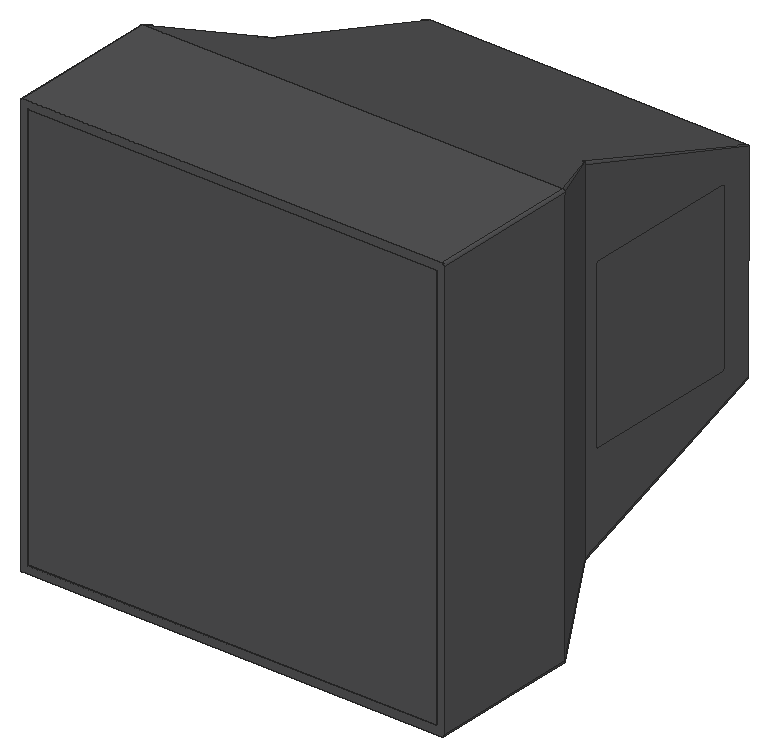
Revit family "Communication_Bosch_Speakers_MTS-6154-CARDIOID-64", category Communication Devices, Revit 2018
Family settings
  Maintain Annotation Orientation = No
  Round Connector Dimension = Use Diameter
  Part Type = Normal
  Work Plane-Based = Yes
  Always vertical = No
  Cut with Voids When Loaded = No
  Shared = Yes
  Room Calculation Point = No
Parameters (values of type "MTS-6154-64CFWB Loudspeaker cardioid 60x40 FW blk")
  XMTI = 1
  XCTN [instance] = "MTS-6154-64CFWB"
  Weight (Kg) = if(or(XMTI = 1, XMTI = 2), "196", "182")  # "196"
  Vertical Coverage = "40°"  # constant formula
  UniclassTitle = "Loudspeakers"  # constant formula
  UniclassCode = "Pr_70_75_36_50"  # constant formula
  URL = "www.electrovoice.com"
  Product Website = "https://products.electrovoice.com/na/en/mts-6154/"
  Product Information = "https://products.electrovoice.com/downloadfile.php?id=979128"
  Product Description = "Loudspeaker cardioid 60x40 FW blk"
  PlanningTools = "https://products.electrovoice.com/na/en/preview"
  Max. SPL = "154 dB"  # constant formula
  MaterialRALColour = RAL 9005 black
  Material = "Multi-ply birch"
  Manufacturer = "Electro Voice"  # constant formula
  LoudSpeaker rotation Angle [instance] = 0.00°
  LoudSpeaker inclination Angle [instance] = 0.00°
  InstallationManual = "https://products.electrovoice.com/downloadfile.php?id=979142"
  IP Rating = "IP55"  # constant formula
  IFCExportAs = "IfcAudioVisualAppliance"  # constant formula
  Frequency range (-10 dB) = "Full space with MTS full range preset (55 Hz - 20 kHz)"  # constant formula
  FamType = MTS-6154-CARDIOID-64 : MTS-6154-64CFWB Loudspeaker cardioid 60x40 FW blk
  Disclaimer = "https://resources-boschsecurity-cdn.azureedge.net/public/information/bim/Disclaimer.pdf"
  Dimensions (H x W x D) = "1092 mm x 1092 mm x 1191 mm"  # constant formula
  Description = ""
  Default Elevation = 1219.2 mm
  Horizontal Coverage = "60°"  # constant formula
  CTN [instance] = XCTN  # "MTS-6154-64CFWB"
  ArchitectsAndEngineersSpecs = "https://products.electrovoice.com/na/en/mts-6154/"
Types (4, lengths in mm): name | XMTI | XCTN | Weight (Kg) | Product Information | Product Description | MaterialRALColour | FamType | CTN
  MTS-6154-64CPWB Loudspeaker cardioid 60x40 PW blk | 3 | "MTS-6154-64CPWB" | "182" | "https://products.electrovoice.com/downloadfile.php?id=979130" | "Loudspeaker cardioid 60x40 PW blk" | RAL 9005 black | MTS-6154-CARDIOID-64 : MTS-6154-64CPWB Loudspeaker cardioid 60x40 PW blk | "MTS-6154-64CPWB"
  MTS-6154-64CPWW Loudspeaker cardioid 60x40 PW wht | 4 | "MTS-6154-64CPWW" | "182" | "https://products.electrovoice.com/downloadfile.php?id=979131" | "Loudspeaker cardioid 60x40 PW wht" | RAL 9003 white | MTS-6154-CARDIOID-64 : MTS-6154-64CPWW Loudspeaker cardioid 60x40 PW wht | "MTS-6154-64CPWW"
  MTS-6154-64CFWB Loudspeaker cardioid 60x40 FW blk | 1 | "MTS-6154-64CFWB" | "196" | "https://products.electrovoice.com/downloadfile.php?id=979128" | "Loudspeaker cardioid 60x40 FW blk" | RAL 9005 black | MTS-6154-CARDIOID-64 : MTS-6154-64CFWB Loudspeaker cardioid 60x40 FW blk | "MTS-6154-64CFWB"
  MTS-6154-64CFWW Loudspeaker cardioid 60x40 FW wht | 2 | "MTS-6154-64CFWW" | "196" | "https://products.electrovoice.com/downloadfile.php?id=979129" | "Loudspeaker cardioid 60x40 FW wht" | RAL 9003 white | MTS-6154-CARDIOID-64 : MTS-6154-64CFWW Loudspeaker cardioid 60x40 FW wht | "MTS-6154-64CFWW"
Reference planes
  plane 1 "Center (Front/Back)": y = 0
  plane 2: z = 0
  plane 3 "Center (Left/Right)": x = 0
  plane 4: y = 387.271
  plane 5: y = 1146
  plane 6: y = 621.422
  plane 7: x = -411.11
  plane 8: x = 411.11
  plane 9: z = 546.1
Lines and regions (mm)
  reference lines
    curve 1: line (0, 0, 286.1) -> (0, 0, 546.1)
Dimensions and locks
  locked: plane 9 to level at 546.1
  "LoudSpeaker rotation Angle": angle curve 1 to plane 3 "Center (Left/Right)"
  aligned and locked: level to plane 2
  aligned and locked: plane 9 to curve 1
  aligned and locked: plane 3 "Center (Left/Right)" to curve 1
Nested families
  nested 1: "MTS-6154-CARDIOID-64" at (0, 0, 0), type <- "FamType", LoudSpeaker inclination Angle <- "LoudSpeaker inclination Angle", type "MTS-6154-64CFWB Loudspeaker cardioid 60x40 FW blk"
    with XCTN "MTS-6154-64CPWB", LoudSpeaker inclination Angle 0.00°, CTN "MTS-6154-64CPWB"
Connectors
  electrical at (0, 1146, 546.1)
    settings: on nested 1, index 1, voltage 0 V, apparent load 0 VA, apparent load phase1 0 VA, apparent load phase2 0 VA, apparent load phase3 0 VA, power factor 1, load classification "Other", number of poles 1, system type 14, power factor state 1, is connector primary yes, connector utility no, sub classification motor no, connector description ""
Definition of nested family "MTS-6154-CARDIOID-64"
  Parameters (values of type "MTS-6154-64CFWB Loudspeaker cardioid 60x40 FW blk")
    XMTI = 1
    XCTN [instance] = "MTS-6154-64CFWB"
    Weight (Kg) = if(or(XMTI = 1, XMTI = 2), "196", "182")  # "196"
    Vertical Coverage = "40°"  # constant formula
    UniclassTitle = "Loudspeakers"  # constant formula
    UniclassCode = "Pr_70_75_36_50"  # constant formula
    URL = "www.electrovoice.com"
    Product Website = "https://products.electrovoice.com/na/en/mts-6154/"
    Product Information = "https://products.electrovoice.com/downloadfile.php?id=979128"
    Product Description = "Loudspeaker cardioid 60x40 FW blk"
    PlanningTools = "https://products.electrovoice.com/na/en/preview"
    Max. SPL = "154 dB"  # constant formula
    MaterialRALColour = none
    Material = "Multi-ply birch"
    Manufacturer = "Electro Voice"  # constant formula
    LoudSpeaker inclination Angle [instance] = 0.00°
    InstallationManual = "https://products.electrovoice.com/downloadfile.php?id=979142"
    IP Rating = "IP55"  # constant formula
    IFCExportAs = "IfcAudioVisualAppliance"  # constant formula
    Frequency range (-10 dB) = "Full space with MTS full range preset (55 Hz - 20 kHz)"  # constant formula
    Disclaimer = "https://resources-boschsecurity-cdn.azureedge.net/public/information/bim/Disclaimer.pdf"
    Dimensions (H x W x D) = "1092 mm x 1092 mm x 1191 mm"  # constant formula
    Description = ""
    Default Elevation = 1219.2 mm
    Horizontal Coverage = "60°"  # constant formula
    CTN [instance] = XCTN  # "MTS-6154-64CFWB"
    ArchitectsAndEngineersSpecs = "https://products.electrovoice.com/na/en/mts-6154/"
  Types (4, lengths in mm): name | XMTI | XCTN | Weight (Kg) | Product Information | Product Description | CTN
    MTS-6154-64CPWB Loudspeaker cardioid 60x40 PW blk | 3 | "MTS-6154-64CPWB" | "182" | "https://products.electrovoice.com/downloadfile.php?id=979130" | "Loudspeaker cardioid 60x40 PW blk" | "MTS-6154-64CPWB"
    MTS-6154-64CPWW Loudspeaker cardioid 60x40 PW wht | 4 | "MTS-6154-64CPWW" | "182" | "https://products.electrovoice.com/downloadfile.php?id=979131" | "Loudspeaker cardioid 60x40 PW wht" | "MTS-6154-64CPWW"
    MTS-6154-64CFWB Loudspeaker cardioid 60x40 FW blk | 1 | "MTS-6154-64CFWB" | "196" | "https://products.electrovoice.com/downloadfile.php?id=979128" | "Loudspeaker cardioid 60x40 FW blk" | "MTS-6154-64CFWB"
    MTS-6154-64CFWW Loudspeaker cardioid 60x40 FW wht | 2 | "MTS-6154-64CFWW" | "196" | "https://products.electrovoice.com/downloadfile.php?id=979129" | "Loudspeaker cardioid 60x40 FW wht" | "MTS-6154-64CFWW"
  Reference planes
    plane 1 "Center (Front/Back)": y = 0
    plane 2: z = 0
    plane 3 "Center (Left/Right)": x = 0
    plane 4: y = 387.271
    plane 5: y = 1146
    plane 6: y = 621.422
    plane 7: x = -411.11
    plane 8: x = 411.11
    plane 9: z = 546.1
    plane 10: z = 546.1
    plane 11: z = 1007.1
    plane 12: z = 85.1
    plane 13: z = 546.1
    plane 14: z = 1007.1
    plane 15: z = 85.1
    plane 16: z = 816.357
    plane 17: z = 275.843
  Forms (mm)
    Extrusion 1, solid, material <- "MaterialRALColour"
      sketch origin (0, 0, 0) x (0, 0, 1) y (1, 0, 0)
        loop
          line (1085.85, 546.1) -> (6.35, 546.1)
          arc (6.35, 546.1) -> (1.86, 544.24) -> (0, 539.75) r 6.35
          line (0, 539.75) -> (0, -539.75)
          arc (0, -539.75) -> (1.86, -544.24) -> (6.35, -546.1) r 6.35
          line (6.35, -546.1) -> (1085.85, -546.1)
          arc (1085.85, -546.1) -> (1090.34, -544.24) -> (1092.2, -539.75) r 6.35
          line (1092.2, -539.75) -> (1092.2, 539.75)
          arc (1092.2, 539.75) -> (1090.34, 544.24) -> (1085.85, 546.1) r 6.35
      from 0 to 387.271
    Blend 2, solid, material <- "MaterialRALColour"
      base sketch origin (0, 387.271, 0) x (0, 0, 1) y (-1, 0, 0)
        loop
          line (1092.2, -539.75) -> (1092.2, 539.75)
          arc (1092.2, 539.75) -> (1090.34, 544.24) -> (1085.85, 546.1) r 6.35
          line (1085.85, 546.1) -> (6.35, 546.1)
          arc (6.35, 546.1) -> (1.86, 544.24) -> (0, 539.75) r 6.35
          line (0, 539.75) -> (0, -539.75)
          arc (0, -539.75) -> (1.86, -544.24) -> (6.35, -546.1) r 6.35
          line (6.35, -546.1) -> (1085.85, -546.1)
          arc (1085.85, -546.1) -> (1090.34, -544.24) -> (1092.2, -539.75) r 6.35
      top sketch origin (0, 387.271, 0) x (0, 0, 1) y (-1, 0, 0)
        loop
          line (1007.1, -408.703) -> (1007.1, 408.703)
          arc (1007.1, 408.703) -> (1006.395, 410.405) -> (1004.693, 411.11) r 2.407
          line (1004.693, 411.11) -> (87.507, 411.11)
          arc (87.507, 411.11) -> (85.805, 410.405) -> (85.1, 408.703) r 2.407
          line (85.1, 408.703) -> (85.1, -408.703)
          arc (85.1, -408.703) -> (85.805, -410.405) -> (87.507, -411.11) r 2.407
          line (87.507, -411.11) -> (1004.693, -411.11)
          arc (1004.693, -411.11) -> (1006.395, -410.405) -> (1007.1, -408.703) r 2.407
      from 0 to -234.151
    Extrusion 3, void
      sketch origin (0, 0, 0) x (0, 0, 1) y (1, 0, 0)
        loop
          line (1072.2, 526.1) -> (20, 526.1) -> (20, -526.1) -> (1072.2, -526.1) -> (1072.2, 526.1)
      from 0 to 25
    Blend 4, solid, material <- "MaterialRALColour"
      base sketch origin (0, 621.422, 0) x (0, 0, -1) y (-1, 0, 0)
        loop
          arc (-1007.1, -404.76) -> (-1005.24, -409.25) -> (-1000.75, -411.11) r 6.35
          line (-1000.75, -411.11) -> (-91.45, -411.11)
          arc (-91.45, -411.11) -> (-86.96, -409.25) -> (-85.1, -404.76) r 6.35
          line (-85.1, -404.76) -> (-85.1, 404.76)
          arc (-85.1, 404.76) -> (-86.96, 409.25) -> (-91.45, 411.11) r 6.35
          line (-91.45, 411.11) -> (-1000.75, 411.11)
          arc (-1000.75, 411.11) -> (-1005.24, 409.25) -> (-1007.1, 404.76) r 6.35
          line (-1007.1, 404.76) -> (-1007.1, -404.76)
      top sketch origin (0, 621.422, 0) x (0, 0, 1) y (-1, 0, 0)
        loop
          line (816.357, -408.703) -> (816.357, 408.703)
          arc (816.357, 408.703) -> (815.652, 410.405) -> (813.95, 411.11) r 2.407
          line (813.95, 411.11) -> (278.25, 411.11)
          arc (278.25, 411.11) -> (276.548, 410.405) -> (275.843, 408.703) r 2.407
          line (275.843, 408.703) -> (275.843, -408.703)
          arc (275.843, -408.703) -> (276.548, -410.405) -> (278.25, -411.11) r 2.407
          line (278.25, -411.11) -> (813.95, -411.11)
          arc (813.95, -411.11) -> (815.652, -410.405) -> (816.357, -408.703) r 2.407
      from 0 to 524.578
    Extrusion 5, void
      sketch origin (411.11, 621.422, 546.1) x (0, 0, 1) y (0, 1, 0)
        loop
          arc (-208.392, 444.198) -> (-212.885, 442.338) -> (-214.746, 437.845) r 6.354
          line (-214.746, 437.845) -> (-214.746, 41.046)
          arc (-214.746, 41.046) -> (-212.882, 36.552) -> (-208.384, 34.698) r 6.348
          line (-208.384, 34.698) -> (208.405, 34.698)
          arc (208.405, 34.698) -> (212.894, 36.557) -> (214.753, 41.046) r 6.347
          line (214.753, 41.046) -> (214.753, 437.846)
          arc (214.753, 437.846) -> (212.884, 442.346) -> (208.378, 444.198) r 6.352
          line (208.378, 444.198) -> (-208.392, 444.198)
      from -5 to 15
    Extrusion 6, solid, material <- "MaterialRALColour"
      sketch origin (411.11, 621.422, 546.1) x (0, 0, -1) y (0, 1, 0)
        loop
          line (207.892, 443.698) -> (-205.431, 443.698)
          arc (-205.431, 443.698) -> (-211.413, 443.14) -> (-214.254, 437.846) r 6.352
          line (-214.254, 437.846) -> (-214.254, 41.545)
          arc (-214.254, 41.545) -> (-212.395, 37.057) -> (-207.907, 35.198) r 6.347
          line (-207.907, 35.198) -> (205.429, 35.198)
          arc (205.429, 35.198) -> (211.407, 35.756) -> (214.246, 41.046) r 6.348
          line (214.246, 41.046) -> (214.246, 437.344)
          arc (214.246, 437.344) -> (212.385, 441.837) -> (207.892, 443.698) r 6.354
      from -5 to 1
    Extrusion 7, solid, material <- "MaterialRALColour"
      sketch origin (0, 0, 0) x (0, 0, -1) y (1, 0, 0)
        loop
          line (-1071.2, 525.1) -> (-1071.2, -525.1) -> (-21, -525.1) -> (-21, 525.1) -> (-1071.2, 525.1)
      from 0 to -10
    Extrusion 8, void
      sketch origin (-411.11, 621.422, 546.1) x (0, 0, -1) y (0, 1, 0)
        loop
          line (208.392, 444.198) -> (-208.378, 444.198)
          arc (-208.378, 444.198) -> (-212.884, 442.346) -> (-214.753, 437.846) r 6.352
          line (-214.753, 437.846) -> (-214.753, 41.045)
          arc (-214.753, 41.045) -> (-212.894, 36.557) -> (-208.405, 34.698) r 6.347
          line (-208.405, 34.698) -> (208.384, 34.698)
          arc (208.384, 34.698) -> (212.882, 36.552) -> (214.746, 41.046) r 6.348
          line (214.746, 41.046) -> (214.746, 437.844)
          arc (214.746, 437.844) -> (212.885, 442.337) -> (208.392, 444.198) r 6.354
      from -5 to 15
    Extrusion 9, solid, material <- "MaterialRALColour"
      sketch origin (-411.11, 621.422, 546.1) x (0, 0, 1) y (0, 1, 0)
        loop
          arc (-207.892, 443.698) -> (-212.385, 441.837) -> (-214.246, 437.344) r 6.354
          line (-214.246, 437.344) -> (-214.246, 41.046)
          arc (-214.246, 41.046) -> (-211.407, 35.756) -> (-205.429, 35.198) r 6.348
          line (-205.429, 35.198) -> (207.907, 35.198)
          arc (207.907, 35.198) -> (212.395, 37.057) -> (214.254, 41.545) r 6.347
          line (214.254, 41.545) -> (214.254, 437.846)
          arc (214.254, 437.846) -> (211.413, 443.14) -> (205.431, 443.698) r 6.352
          line (205.431, 443.698) -> (-207.892, 443.698)
      from -5 to 1
  Cuts and joins
    Extrusion 3 cuts Extrusion 1
    Extrusion 5, Extrusion 8 cuts Blend 4
    joined: Extrusion 1, Blend 2, Blend 4, Extrusion 7
  Lines and regions (mm)
    reference lines
      curve 1: line (0, 0, 0) -> (0, 0, 546.1)
  Dimensions and locks
    locked: plane 9 to level at 546.1
    "LoudSpeaker inclination Angle": angle curve 1 to plane 1 "Center (Front/Back)"
    aligned and locked: level to plane 2
    aligned and locked: plane 9 to curve 1
    aligned and locked: plane 1 "Center (Front/Back)" to curve 1
  Automatic sketch dimensions
    Extrusion 1 to Blend 2 sketch curve = 6.35 mm  (x2)
    Extrusion 1 to Blend 2 sketch curve = 85.1 mm
    Blend 2 sketch curve to Blend 2 sketch curve = 2.407 mm  (x3)
    Extrusion 1 to Blend 2 sketch curve = 87.507 mm  (x2)
    Extrusion 1 to Blend 2 sketch curve = 134.99 mm
    Extrusion 1 to Blend 2 sketch curve = 137.397 mm
    Extrusion 1 to Extrusion 3 sketch curve = 20 mm  (x4)
    Blend 4 sketch curve to Blend 2 = 0 mm  (x4)
    Blend 2 to Blend 4 sketch curve = 0 mm  (x2)
    Blend 4 sketch curve to Blend 2 = 6.35 mm  (x2)
    Blend 4 sketch curve to Blend 4 sketch curve = 6.35 mm  (x2)
    Blend 2 to Blend 4 sketch curve = 2.407 mm  (x3)
    Blend 2 to Blend 4 sketch curve = 190.743 mm
    Blend 4 sketch curve to Blend 4 sketch curve = 2.407 mm
    Blend 2 to Blend 4 sketch curve = 193.15 mm
    Extrusion 5 sketch curve to Blend 4 = 86.733 mm
    Blend 4 to Extrusion 5 sketch curve = 79.123 mm
    Extrusion 5 sketch curve to Extrusion 5 sketch curve = 6.348 mm
    Extrusion 5 sketch curve to Extrusion 5 sketch curve = 6.354 mm
    Extrusion 5 sketch curve to Extrusion 5 sketch curve = 0.014 mm
    Extrusion 5 sketch curve to Blend 4 = 80.38 mm
    Extrusion 5 sketch curve to Extrusion 5 sketch curve = 416.77 mm
    Extrusion 5 sketch curve to Extrusion 5 sketch curve = 0.023 mm
    Extrusion 5 sketch curve to Blend 4 = 41.045 mm
    Extrusion 5 sketch curve to Extrusion 5 sketch curve = 0.005 mm
    Extrusion 5 sketch curve to Extrusion 5 sketch curve = 6.352 mm
    Extrusion 5 sketch curve to Blend 4 = 34.698 mm
    Blend 4 to Extrusion 6 sketch curve = 86.732 mm
    Blend 4 to Extrusion 6 sketch curve = 79.586 mm
    Extrusion 6 sketch curve to Extrusion 6 sketch curve = 6.347 mm
    Extrusion 6 sketch curve to Extrusion 6 sketch curve = 6.352 mm
    Extrusion 6 sketch curve to Extrusion 6 sketch curve = 2.471 mm
    Blend 4 to Extrusion 6 sketch curve = 35.198 mm
    Extrusion 6 sketch curve to Extrusion 6 sketch curve = 413.335 mm
    Blend 4 to Extrusion 6 sketch curve = 87.234 mm
    Extrusion 6 sketch curve to Extrusion 6 sketch curve = 2.463 mm
    Extrusion 6 sketch curve to Extrusion 6 sketch curve = 2.469 mm
    Extrusion 7 sketch curve to Extrusion 1 = 21 mm  (x4)
    Extrusion 8 sketch curve to Blend 4 = 86.732 mm
    Blend 4 to Extrusion 8 sketch curve = 79.116 mm
    Extrusion 8 sketch curve to Extrusion 8 sketch curve = 6.347 mm
    Extrusion 8 sketch curve to Extrusion 8 sketch curve = 6.352 mm
    Extrusion 8 sketch curve to Extrusion 8 sketch curve = 0.023 mm
    Extrusion 8 sketch curve to Blend 4 = 34.698 mm
    Extrusion 8 sketch curve to Extrusion 8 sketch curve = 416.79 mm
    Extrusion 8 sketch curve to Blend 4 = 86.734 mm
    Extrusion 8 sketch curve to Extrusion 8 sketch curve = 0.008 mm
    Extrusion 8 sketch curve to Extrusion 8 sketch curve = 6.348 mm
    Blend 4 to Extrusion 9 sketch curve = 87.234 mm
    Blend 4 to Extrusion 9 sketch curve = 79.762 mm
    Extrusion 9 sketch curve to Extrusion 9 sketch curve = 6.348 mm
    Extrusion 9 sketch curve to Extrusion 9 sketch curve = 6.354 mm
    Extrusion 9 sketch curve to Extrusion 9 sketch curve = 2.469 mm
    Extrusion 9 sketch curve to Extrusion 9 sketch curve = 413.323 mm
    Extrusion 9 sketch curve to Extrusion 9 sketch curve = 2.471 mm
    Blend 4 to Extrusion 9 sketch curve = 41.545 mm
    Extrusion 9 sketch curve to Extrusion 9 sketch curve = 0.005 mm
    Extrusion 9 sketch curve to Extrusion 9 sketch curve = 6.352 mm
    curve 1 to Extrusion 1 sketch curve = 0 mm
    curve 1 to Extrusion 1 sketch curve = 6.35 mm  (x2)
    curve 1 to Extrusion 1 sketch curve = 539.75 mm  (x3)
    Extrusion 1 sketch curve to Extrusion 1 sketch curve = 6.35 mm
    Extrusion 1 sketch curve to curve 1 = 546.1 mm
    radius of Blend 2 sketch curve to Extrusion 1 = 0 mm  (x2)
  Connectors
    electrical at (0, 1146, 546.1)
      settings: on cut or joined group of Extrusion 1, Blend 2, Extrusion 3, Blend 4, Extrusion 5, Extrusion 7, Extrusion 8, index 1, voltage 0 V, apparent load 0 VA, apparent load phase1 0 VA, apparent load phase2 0 VA, apparent load phase3 0 VA, power factor 1, load classification none, number of poles 1, system type 14, power factor state 1, is connector primary yes, connector utility no, sub classification motor no, connector description ""
